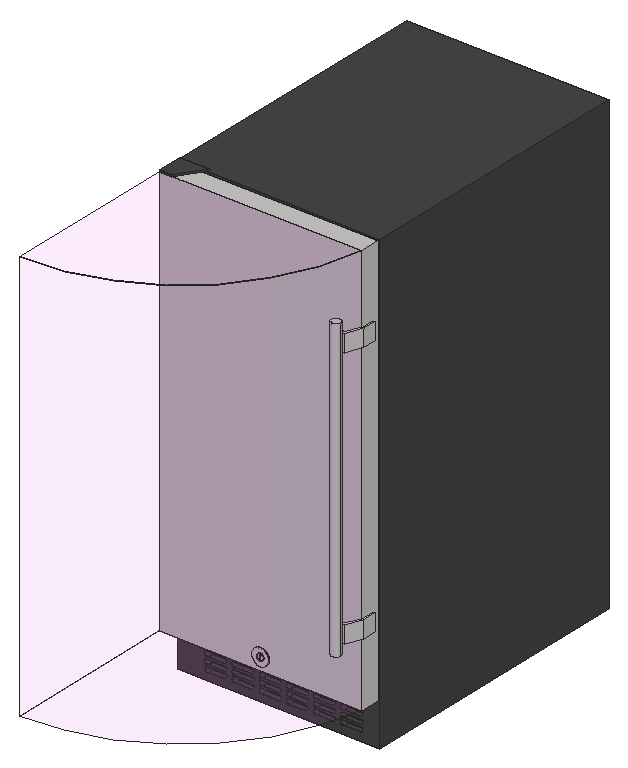
Revit family "QF_Summit_SPR316OS_Outdoor_Refrigerator", category Specialty Equipment, Revit 2020
Family settings
  Round Connector Dimension = Use Diameter
  Part Type = Normal
  Work Plane-Based = No
  Always vertical = Yes
  Cut with Voids When Loaded = No
  Shared = No
  Room Calculation Point = No
Parameters
  Weight in Pounds = 62
  Watts = Volts * FL Amps  # 115 W
  Volts = 115 V
  URL Cutsheet = ""
  Specification by User = ""
  Specification by Manufacturer = ""
  Show RHD [instance] = not(Show LHD)  # no
  Show LHD [instance] = yes
  Show Clearance [instance] = yes
  Serial Number = ""
  Seismic Rating = ""
  SMACNA No = ""
  Revision Code = ""
  Refrigerant Volume = 0.00 kip
  Refrigerant Type = "R600a"
  Phase = 1
  Number of Poles = 1
  NAFEM Spec ID Number = ""
  Model = "SPR316OS"
  Min Ckt Ampacity = 0 A
  Max Overcurrent Protection = 0 A
  Masterspec = ""
  Manufacturer = "Summit"
  Length = 14.88"
  Item Number = ""
  Installed By = ""
  Identify Quantity as Lot = yes
  Height = 34 1/4"
  HP = ""
  Furnished By = ""
  Foodservice Equipment Identifier = yes
  FL Amps = 1 A
  Electrical Remarks = ""
  Electric Connection Type = ""
  Elec Conn RI Height = 0"
  Elec Conn Connection Height = 0"
  Description = "Outdoor Refrigerator"
  Depth = 22 3/4"
  Default Elevation = 0"
  Cycle = 60 Hz
  Conn Plug = ""
  Conn Conduit = yes
  CSI MasterFormat = ""
  BTUH = 0.0 Btu/h
  Apparent Power = 0 VA
Reference planes (in)
  plane 1 "BACK": y = 0
  plane 2: z = 0
  plane 3 "LEFT": x = 0
  plane 4 "RIGHT": x = 14.88
  plane 5 "FRONT": y = -22.75
  plane 6 "TOP": z = 34.25
  plane 7 "Center Y": x = 7.44
  plane 8 "Center X": y = -11.375
Dimensions and locks (in)
  equal spacing: plane 3 "LEFT", plane 7 "Center Y", plane 4 "RIGHT"
  "Length": plane 3 "LEFT" to plane 4 "RIGHT"
  equal spacing: plane 5 "FRONT", plane 8 "Center X", plane 1 "BACK"
  "Depth": plane 5 "FRONT" to plane 1 "BACK"
  "Height": plane 6 "TOP" to level
  aligned and locked: level to plane 2
Nested families (in)
  nested 1: "SPR316OS" at (0, 0, 0), Show Clearance <- "Show Clearance", Show LHD <- "Show LHD", type "SPR316OS"
    with Show RHD no, Show LHD yes, Show Clearance yes
Connectors (in)
  electrical at (11.88, 0.03125, 1.99472), driven by "Volts", driven by "Watts"
    settings: on nested 1, index 1, voltage 115 V, apparent load 115 VA, apparent load phase1 0 VA, apparent load phase2 0 VA, apparent load phase3 0 VA, power factor 1, load classification "Other", number of poles 1, system type 30, power factor state 1, is connector primary yes, connector utility no, sub classification motor no, connector description "ELECTRICAL CONNECTION"
Definition of nested family "SPR316OS"
  Parameters (values of type "SPR316OS")
    Weight in Pounds = 0
    URL Cutsheet = ""
    Specification by User = ""
    Specification by Manufacturer = ""
    Show RHD [instance] = not(Show LHD)  # no
    Show LHD [instance] = yes
    Show Clearance [instance] = yes
    Serial Number = ""
    Seismic Rating = ""
    SMACNA No = ""
    Revision Code = ""
    NAFEM Spec ID Number = ""
    Masterspec = ""
    Length = 14.88"
    Item Number = ""
    Installed By = ""
    Identify Quantity as Lot = yes
    Height = 34 1/4"
    Furnished By = ""
    Foodservice Equipment Identifier = yes
    Depth = 22 3/4"
    Default Elevation = 0"
    CSI MasterFormat = ""
  Reference planes (in)
    plane 1 "BACK": y = 0
    plane 2: z = 0
    plane 3 "LEFT": x = 0
    plane 4 "RIGHT": x = 14.88
    plane 5 "FRONT": y = -22.75
    plane 6 "TOP": z = 34.25
    plane 7 "Center Y": x = 7.44
    plane 8 "Center X": y = -11.375
    plane 9: z = 3.91594
    plane 10: z = 0.6638
    plane 11: z = 4.41594
    plane 12: y = -36.38
  Forms (in)
    Extrusion 1, solid
      sketch origin (-3.81931, -180, 3.91594) x (-1, 0, 0) y (0, -1, 0)
        loop
          line (-3.81931, -180) -> (-3.81931, -158.95513) -> (-18.69931, -158.95513) -> (-18.69931, -180) -> (-3.81931, -180)
      from 0 to 30.33406
    Extrusion 2, solid
      sketch origin (-1.69587, -180, 0.6638) x (-1, 0, 0) y (0, -1, 0)
        loop
          line (-1.69587, -180) -> (-1.69587, -158.95513) -> (-16.57587, -158.95513) -> (-16.57587, -180) -> (-1.69587, -180)
      from 0 to 3.25213
    Extrusion 3, solid, visible <- "Show RHD"
      sketch origin (-3.81931, -180, 34.25) x (-1, 0, 0) y (0, -1, 0)
        loop
          line (-16.58028, -159.13842) -> (-17.80664, -157.25) -> (-18.69931, -157.25) -> (-18.69931, -159.13842) -> (-16.58028, -159.13842)
      from 0 to 0.09167
    Extrusion 4, solid
      sketch origin (-3.81931, -180, 3.91594) x (-1, 0, 0) y (0, -1, 0)
        loop
          line (-3.81931, -158.70513) -> (-3.81931, -157.25) -> (-18.69931, -157.25) -> (-18.69931, -158.70513) -> (-3.81931, -158.70513)
      from 0 to 30.33406
    Extrusion 5, solid, visible <- "Show RHD"
      sketch origin (-1.39221, -180, 29.22496) x (-1, 0, 0) y (0, -1, 0)
        loop
          line (-1.39221, -158.20513) -> (-1.20471, -158.20513) -> (-1.20471, -157.21355) -> (-1.67159, -156.05798) -> (-2.43206, -156.05798) -> (-2.43206, -156.24548) -> (-1.79806, -156.24548) -> (-1.39221, -157.25) -> (-1.39221, -158.20513)
      from 0 to -1.25
    Extrusion 6, solid, visible <- "Show RHD"
      sketch origin (-2.12657, -180, 30.03198) x (-1, 0, 0) y (0, -1, 0)
        loop
          circle (-2.78619, -155.71649) r 0.34149
      from 0 to -21.94945
    Extrusion 7, solid, visible <- "Show RHD"
      sketch origin (-2.27285, -180, 9.98387) x (-1, 0, 0) y (0, -1, 0)
        loop
          line (-2.27285, -158.20513) -> (-2.08535, -158.20513) -> (-2.08535, -157.21355) -> (-2.55223, -156.05798) -> (-3.3127, -156.05798) -> (-3.3127, -156.24548) -> (-2.6787, -156.24548) -> (-2.27285, -157.25) -> (-2.27285, -158.20513)
      from 0 to -1.25
    Extrusion 8, void
      sketch origin (14.88, -21.04487, 0.6638) x (1, 0, 0) y (0, 0, -1)
        loop
          arc (-12.70237, -2.57037) -> (-12.90262, -2.77063) -> (-12.70237, -2.97088) r 0.20026
          line (-12.70237, -2.97088) -> (-11.45237, -2.97088)
          arc (-11.45237, -2.97088) -> (-11.25211, -2.77063) -> (-11.45237, -2.57037) r 0.20026
          line (-11.45237, -2.57037) -> (-12.70237, -2.57037)
        loop
          arc (-12.70237, -2.05013) -> (-12.90262, -2.25039) -> (-12.70237, -2.45064) r 0.20026
          line (-12.70237, -2.45064) -> (-11.45237, -2.45064)
          arc (-11.45237, -2.45064) -> (-11.25211, -2.25039) -> (-11.45237, -2.05013) r 0.20026
          line (-11.45237, -2.05013) -> (-12.70237, -2.05013)
        loop
          arc (-12.70237, -1.57037) -> (-12.90262, -1.77063) -> (-12.70237, -1.97088) r 0.20026
          line (-12.70237, -1.97088) -> (-11.45237, -1.97088)
          arc (-11.45237, -1.97088) -> (-11.25211, -1.77063) -> (-11.45237, -1.57037) r 0.20026
          line (-11.45237, -1.57037) -> (-12.70237, -1.57037)
        loop
          arc (-12.70237, -1.05013) -> (-12.90262, -1.25039) -> (-12.70237, -1.45064) r 0.20026
          line (-12.70237, -1.45064) -> (-11.45237, -1.45064)
          arc (-11.45237, -1.45064) -> (-11.25211, -1.25039) -> (-11.45237, -1.05013) r 0.20026
          line (-11.45237, -1.05013) -> (-12.70237, -1.05013)
        loop
          arc (-12.70237, -0.55013) -> (-12.90262, -0.75039) -> (-12.70237, -0.95064) r 0.20026
          line (-12.70237, -0.95064) -> (-11.45237, -0.95064)
          arc (-11.45237, -0.95064) -> (-11.25211, -0.75039) -> (-11.45237, -0.55013) r 0.20026
          line (-11.45237, -0.55013) -> (-12.70237, -0.55013)
        loop
          arc (-10.70237, -2.57037) -> (-10.90262, -2.77063) -> (-10.70237, -2.97088) r 0.20026
          line (-10.70237, -2.97088) -> (-9.45237, -2.97088)
          arc (-9.45237, -2.97088) -> (-9.25211, -2.77063) -> (-9.45237, -2.57037) r 0.20026
          line (-9.45237, -2.57037) -> (-10.70237, -2.57037)
        loop
          arc (-10.70237, -2.05013) -> (-10.90262, -2.25039) -> (-10.70237, -2.45064) r 0.20026
          line (-10.70237, -2.45064) -> (-9.45237, -2.45064)
          arc (-9.45237, -2.45064) -> (-9.25211, -2.25039) -> (-9.45237, -2.05013) r 0.20026
          line (-9.45237, -2.05013) -> (-10.70237, -2.05013)
        loop
          arc (-10.70237, -1.57037) -> (-10.90262, -1.77063) -> (-10.70237, -1.97088) r 0.20026
          line (-10.70237, -1.97088) -> (-9.45237, -1.97088)
          arc (-9.45237, -1.97088) -> (-9.25211, -1.77063) -> (-9.45237, -1.57037) r 0.20026
          line (-9.45237, -1.57037) -> (-10.70237, -1.57037)
        loop
          arc (-10.70237, -1.05013) -> (-10.90262, -1.25039) -> (-10.70237, -1.45064) r 0.20026
          line (-10.70237, -1.45064) -> (-9.45237, -1.45064)
          arc (-9.45237, -1.45064) -> (-9.25211, -1.25039) -> (-9.45237, -1.05013) r 0.20026
          line (-9.45237, -1.05013) -> (-10.70237, -1.05013)
        loop
          arc (-10.70237, -0.55013) -> (-10.90262, -0.75039) -> (-10.70237, -0.95064) r 0.20026
          line (-10.70237, -0.95064) -> (-9.45237, -0.95064)
          arc (-9.45237, -0.95064) -> (-9.25211, -0.75039) -> (-9.45237, -0.55013) r 0.20026
          line (-9.45237, -0.55013) -> (-10.70237, -0.55013)
        loop
          arc (-8.70237, -2.57037) -> (-8.90262, -2.77063) -> (-8.70237, -2.97088) r 0.20026
          line (-8.70237, -2.97088) -> (-7.45237, -2.97088)
          arc (-7.45237, -2.97088) -> (-7.25211, -2.77063) -> (-7.45237, -2.57037) r 0.20026
          line (-7.45237, -2.57037) -> (-8.70237, -2.57037)
        loop
          arc (-8.70237, -2.05013) -> (-8.90262, -2.25039) -> (-8.70237, -2.45064) r 0.20026
          line (-8.70237, -2.45064) -> (-7.45237, -2.45064)
          arc (-7.45237, -2.45064) -> (-7.25211, -2.25039) -> (-7.45237, -2.05013) r 0.20026
          line (-7.45237, -2.05013) -> (-8.70237, -2.05013)
        loop
          arc (-8.70237, -1.57037) -> (-8.90262, -1.77063) -> (-8.70237, -1.97088) r 0.20026
          line (-8.70237, -1.97088) -> (-7.45237, -1.97088)
          arc (-7.45237, -1.97088) -> (-7.25211, -1.77063) -> (-7.45237, -1.57037) r 0.20026
          line (-7.45237, -1.57037) -> (-8.70237, -1.57037)
        loop
          arc (-8.70237, -1.05013) -> (-8.90262, -1.25039) -> (-8.70237, -1.45064) r 0.20026
          line (-8.70237, -1.45064) -> (-7.45237, -1.45064)
          arc (-7.45237, -1.45064) -> (-7.25211, -1.25039) -> (-7.45237, -1.05013) r 0.20026
          line (-7.45237, -1.05013) -> (-8.70237, -1.05013)
        loop
          arc (-8.70237, -0.55013) -> (-8.90262, -0.75039) -> (-8.70237, -0.95064) r 0.20026
          line (-8.70237, -0.95064) -> (-7.45237, -0.95064)
          arc (-7.45237, -0.95064) -> (-7.25211, -0.75039) -> (-7.45237, -0.55013) r 0.20026
          line (-7.45237, -0.55013) -> (-8.70237, -0.55013)
        loop
          arc (-6.70237, -2.57037) -> (-6.90262, -2.77063) -> (-6.70237, -2.97088) r 0.20026
          line (-6.70237, -2.97088) -> (-5.45237, -2.97088)
          arc (-5.45237, -2.97088) -> (-5.25211, -2.77063) -> (-5.45237, -2.57037) r 0.20026
          line (-5.45237, -2.57037) -> (-6.70237, -2.57037)
        loop
          arc (-6.70237, -2.05013) -> (-6.90262, -2.25039) -> (-6.70237, -2.45064) r 0.20026
          line (-6.70237, -2.45064) -> (-5.45237, -2.45064)
          arc (-5.45237, -2.45064) -> (-5.25211, -2.25039) -> (-5.45237, -2.05013) r 0.20026
          line (-5.45237, -2.05013) -> (-6.70237, -2.05013)
        loop
          arc (-6.70237, -1.57037) -> (-6.90262, -1.77063) -> (-6.70237, -1.97088) r 0.20026
          line (-6.70237, -1.97088) -> (-5.45237, -1.97088)
          arc (-5.45237, -1.97088) -> (-5.25211, -1.77063) -> (-5.45237, -1.57037) r 0.20026
          line (-5.45237, -1.57037) -> (-6.70237, -1.57037)
        loop
          arc (-6.70237, -1.05013) -> (-6.90262, -1.25039) -> (-6.70237, -1.45064) r 0.20026
          line (-6.70237, -1.45064) -> (-5.45237, -1.45064)
          arc (-5.45237, -1.45064) -> (-5.25211, -1.25039) -> (-5.45237, -1.05013) r 0.20026
          line (-5.45237, -1.05013) -> (-6.70237, -1.05013)
        loop
          arc (-6.70237, -0.55013) -> (-6.90262, -0.75039) -> (-6.70237, -0.95064) r 0.20026
          line (-6.70237, -0.95064) -> (-5.45237, -0.95064)
          arc (-5.45237, -0.95064) -> (-5.25211, -0.75039) -> (-5.45237, -0.55013) r 0.20026
          line (-5.45237, -0.55013) -> (-6.70237, -0.55013)
        loop
          arc (-4.70237, -2.57037) -> (-4.90262, -2.77063) -> (-4.70237, -2.97088) r 0.20026
          line (-4.70237, -2.97088) -> (-3.45237, -2.97088)
          arc (-3.45237, -2.97088) -> (-3.25211, -2.77063) -> (-3.45237, -2.57037) r 0.20026
          line (-3.45237, -2.57037) -> (-4.70237, -2.57037)
        loop
          arc (-4.70237, -2.05013) -> (-4.90262, -2.25039) -> (-4.70237, -2.45064) r 0.20026
          line (-4.70237, -2.45064) -> (-3.45237, -2.45064)
          arc (-3.45237, -2.45064) -> (-3.25211, -2.25039) -> (-3.45237, -2.05013) r 0.20026
          line (-3.45237, -2.05013) -> (-4.70237, -2.05013)
        loop
          arc (-4.70237, -1.57037) -> (-4.90262, -1.77063) -> (-4.70237, -1.97088) r 0.20026
          line (-4.70237, -1.97088) -> (-3.45237, -1.97088)
          arc (-3.45237, -1.97088) -> (-3.25211, -1.77063) -> (-3.45237, -1.57037) r 0.20026
          line (-3.45237, -1.57037) -> (-4.70237, -1.57037)
        loop
          arc (-4.70237, -1.05013) -> (-4.90262, -1.25039) -> (-4.70237, -1.45064) r 0.20026
          line (-4.70237, -1.45064) -> (-3.45237, -1.45064)
          arc (-3.45237, -1.45064) -> (-3.25211, -1.25039) -> (-3.45237, -1.05013) r 0.20026
          line (-3.45237, -1.05013) -> (-4.70237, -1.05013)
        loop
          arc (-4.70237, -0.55013) -> (-4.90262, -0.75039) -> (-4.70237, -0.95064) r 0.20026
          line (-4.70237, -0.95064) -> (-3.45237, -0.95064)
          arc (-3.45237, -0.95064) -> (-3.25211, -0.75039) -> (-3.45237, -0.55013) r 0.20026
          line (-3.45237, -0.55013) -> (-4.70237, -0.55013)
        loop
          arc (-2.70237, -2.57037) -> (-2.90262, -2.77063) -> (-2.70237, -2.97088) r 0.20026
          line (-2.70237, -2.97088) -> (-1.45237, -2.97088)
          arc (-1.45237, -2.97088) -> (-1.25211, -2.77063) -> (-1.45237, -2.57037) r 0.20026
          line (-1.45237, -2.57037) -> (-2.70237, -2.57037)
        loop
          arc (-2.70237, -2.05013) -> (-2.90262, -2.25039) -> (-2.70237, -2.45064) r 0.20026
          line (-2.70237, -2.45064) -> (-1.45237, -2.45064)
          arc (-1.45237, -2.45064) -> (-1.25211, -2.25039) -> (-1.45237, -2.05013) r 0.20026
          line (-1.45237, -2.05013) -> (-2.70237, -2.05013)
        loop
          arc (-2.70237, -1.57037) -> (-2.90262, -1.77063) -> (-2.70237, -1.97088) r 0.20026
          line (-2.70237, -1.97088) -> (-1.45237, -1.97088)
          arc (-1.45237, -1.97088) -> (-1.25211, -1.77063) -> (-1.45237, -1.57037) r 0.20026
          line (-1.45237, -1.57037) -> (-2.70237, -1.57037)
        loop
          arc (-2.70237, -1.05013) -> (-2.90262, -1.25039) -> (-2.70237, -1.45064) r 0.20026
          line (-2.70237, -1.45064) -> (-1.45237, -1.45064)
          arc (-1.45237, -1.45064) -> (-1.25211, -1.25039) -> (-1.45237, -1.05013) r 0.20026
          line (-1.45237, -1.05013) -> (-2.70237, -1.05013)
        loop
          arc (-2.70237, -0.55013) -> (-2.90262, -0.75039) -> (-2.70237, -0.95064) r 0.20026
          line (-2.70237, -0.95064) -> (-1.45237, -0.95064)
          arc (-1.45237, -0.95064) -> (-1.25211, -0.75039) -> (-1.45237, -0.55013) r 0.20026
          line (-1.45237, -0.55013) -> (-2.70237, -0.55013)
      from 0 to 0.44189
    Extrusion 9, solid
      sketch origin (10.505, -22.75, 3.91594) x (-1, 0, 0) y (0, 0, -1)
        loop
          circle (3.065, -0.9154) r 0.61388
        loop
          circle (3.065, -0.9154) r 0.25
      from 0 to 0.03125
    Extrusion 10, solid
      sketch origin (10.505, -22.75, 3.91594) x (1, 0, 0) y (0, 0, -1)
        loop
          circle (-3.065, -0.9154) r 0.2438
        loop
          line (-3.08186, -1.12004) -> (-3.04814, -1.12004) -> (-3.04814, -0.71132) -> (-3.08186, -0.71132) -> (-3.08186, -1.12004)
      from 0 to -0.03125
    Revolve 11, solid
      sketch origin (0, -4, 0) x (1, 0, 0) y (0, 0, 1)
        loop
          line (1.57659, 0.6638) -> (1.57659, 0) -> (2.07659, 0) -> (2.19363, 0.6638) -> (1.57659, 0.6638)
        axis (1.57659, 0.6638) -> (1.57659, 0)
      angle from 0 to 360
    Revolve 12, solid
      sketch origin (23.63, -4, 0) x (-1, 0, 0) y (0, 0, 1)
        loop
          line (10.32659, 0.6638) -> (10.32659, 0) -> (10.82659, 0) -> (10.94363, 0.6638) -> (10.32659, 0.6638)
        axis (10.32659, 0.6638) -> (10.32659, 0)
      angle from 0 to 360
    Revolve 13, solid
      sketch origin (0, -19.5, 0) x (1, 0, 0) y (0, 0, -1)
        loop
          line (1.57659, -0.6638) -> (2.19363, -0.6638) -> (2.07659, 0) -> (1.57659, 0) -> (1.57659, -0.6638)
        axis (1.57659, -0.6638) -> (1.57659, 0)
      angle from 0 to 360
    Revolve 14, solid
      sketch origin (23.63, -19.5, 0) x (-1, 0, 0) y (0, 0, 1)
        loop
          line (10.32659, 0.6638) -> (10.32659, 0) -> (10.82659, 0) -> (10.94363, 0.6638) -> (10.32659, 0.6638)
        axis (10.32659, 0.6638) -> (10.32659, 0)
      angle from 0 to 360
    Extrusion 15, solid
      sketch origin (0, 0, 0) x (1, 0, 0) y (0, 0, 1)
        loop
          circle (11.88, 1.99472) r 0.25
      from 0 to -0.03125
    Extrusion 16, solid, visible <- "Show RHD"
      sketch origin (-3.81931, -180, 3.91594) x (0, -1, 0) y (-1, 0, 0)
        loop
          line (-157.25, -18.69931) -> (-144.37028, -18.69931)
          arc (-144.37028, -18.69931) -> (-148.00975, -8.83537) -> (-157.25, -3.81931) r 14.92319
          line (-157.25, -3.81931) -> (-157.25, -18.69931)
      from 0 to -30.33406
    Extrusion 17, solid
      sketch origin (-3.81931, -180, 33.66594) x (-1, 0, 0) y (0, -1, 0)
        loop
          line (-3.95835, -158.95513) -> (-3.95835, -158.70513) -> (-18.53612, -158.70513) -> (-18.53612, -158.95513) -> (-3.95835, -158.95513)
      from 0.36202 to -29.25
    Extrusion 18, solid, visible <- "Show LHD"
      sketch origin (18.69931, -180, 34.25) x (1, 0, 0) y (0, 1, 0)
        loop
          line (-16.58028, 159.13842) -> (-18.69931, 159.13842) -> (-18.69931, 157.25) -> (-17.80664, 157.25) -> (-16.58028, 159.13842)
      from 0 to 0.09167
    Extrusion 19, solid, visible <- "Show LHD"
      sketch origin (16.27221, -180, 29.22496) x (1, 0, 0) y (0, 1, 0)
        loop
          line (-1.39221, 158.20513) -> (-1.39221, 157.25) -> (-1.79806, 156.24548) -> (-2.43206, 156.24548) -> (-2.43206, 156.05798) -> (-1.67159, 156.05798) -> (-1.20471, 157.21355) -> (-1.20471, 158.20513) -> (-1.39221, 158.20513)
      from 0 to -1.25
    Extrusion 20, solid, visible <- "Show LHD"
      sketch origin (17.00657, -180, 30.03198) x (1, 0, 0) y (0, 1, 0)
        loop
          circle (-2.78619, 155.71649) r 0.34149
      from 0 to -21.94945
    Extrusion 21, solid, visible <- "Show LHD"
      sketch origin (17.15285, -180, 9.98387) x (1, 0, 0) y (0, 1, 0)
        loop
          line (-2.27285, 158.20513) -> (-2.27285, 157.25) -> (-2.6787, 156.24548) -> (-3.3127, 156.24548) -> (-3.3127, 156.05798) -> (-2.55223, 156.05798) -> (-2.08535, 157.21355) -> (-2.08535, 158.20513) -> (-2.27285, 158.20513)
      from 0 to -1.25
    Extrusion 22, solid, visible <- "Show LHD"
      sketch origin (18.69931, -180, 3.91594) x (0, 1, 0) y (1, 0, 0)
        loop
          line (157.25, -18.69931) -> (157.25, -3.81931)
          arc (157.25, -3.81931) -> (148.00975, -8.83537) -> (144.37028, -18.69931) r 14.92319
          line (144.37028, -18.69931) -> (157.25, -18.69931)
      from 0 to -30.33406
  Cuts and joins
    Extrusion 8 cuts Extrusion 2
    joined: Extrusion 1, Extrusion 2
    joined: Extrusion 5, Extrusion 6, Extrusion 7
  Lines and regions (in)
    symbolic lines
      curve 1: line (14.88, -22.75, 0) -> (0, -22.75, 0)
      curve 13: line (14.88, -22.75, 0) -> (14.88, -21.29487, 0)
      curve 15: line (0, 0, 0) -> (0, -21.04487, 0)
      curve 16: line (14.88, 0, 0) -> (0, 0, 0)
      curve 39: line (14.88, -21.04487, 0) -> (14.88, 0, 0)
    symbolic lines, visible <- "Show RHD"
      curve 2: line (0, -21.29487, 0) -> (0, -22.75, 0)
      curve 3: line (13.04235, -21.29487, 0) -> (0, -21.29487, 0)
      curve 4: line (0, -21.79487, 0) -> (-0.1875, -21.79487, 0)
      curve 5: line (-0.1875, -21.79487, 0) -> (-0.1875, -22.78645, 0)
      curve 6: line (-0.1875, -22.78645, 0) -> (0.27938, -23.94202, 0)
      curve 7: line (0.40585, -23.75452, 0) -> (0, -22.75, 0)
      curve 8: line (1.03985, -23.75452, 0) -> (0.40585, -23.75452, 0)
      curve 9: line (0.27938, -23.94202, 0) -> (1.03985, -23.94202, 0)
      curve 10: line (1.03985, -23.94202, 0) -> (1.03985, -23.75452, 0)
      curve 11: line (12.76097, -20.86158, 0) -> (13.98733, -22.75, 0)
      curve 12: line (14.88, -20.86158, 0) -> (12.76097, -20.86158, 0)
      curve 14: line (0, -21.04487, 0) -> (12.88, -21.04487, 0)
      curve 17: line (0.13904, -21.04487, 0) -> (0.13904, -21.29487, 0)
      curve 18: arc (0.31813, -24.28351, 0) -> (0.65962, -24.625, 0) -> (1.00111, -24.28351, 0) r 0.34149
      curve 19: arc (1.00111, -24.28351, 0) -> (0.65962, -23.94202, 0) -> (0.31813, -24.28351, 0) r 0.34149
      curve 20: arc (2.86412, -29.68737, 0) -> (0.98881, -26.40168, 0) -> (0, -22.75, 0) r 14.92319
      curve 21: line (14.88, -22.75, 0) -> (2.86412, -29.68737, 0)
      curve 22: line (14.88, -21.04487, 0) -> (14.88, -22.75, 0)
    symbolic lines, visible <- "Show LHD"
      curve 23: line (1.83765, -21.29487, 0) -> (14.88, -21.29487, 0)
      curve 24: line (14.88, -21.79487, 0) -> (15.0675, -21.79487, 0)
      curve 25: line (15.0675, -21.79487, 0) -> (15.0675, -22.78645, 0)
      curve 26: line (15.0675, -22.78645, 0) -> (14.60062, -23.94202, 0)
      curve 27: line (14.47415, -23.75452, 0) -> (14.88, -22.75, 0)
      curve 28: line (13.84015, -23.75452, 0) -> (14.47415, -23.75452, 0)
      curve 29: line (14.60062, -23.94202, 0) -> (13.84015, -23.94202, 0)
      curve 30: line (13.84015, -23.94202, 0) -> (13.84015, -23.75452, 0)
      curve 31: line (2.11903, -20.86158, 0) -> (0.89267, -22.75, 0)
      curve 32: line (0, -20.86158, 0) -> (2.11903, -20.86158, 0)
      curve 33: line (14.88, -21.04487, 0) -> (2, -21.04487, 0)
      curve 34: line (14.74096, -21.04487, 0) -> (14.74096, -21.29487, 0)
      curve 35: arc (14.56187, -24.28351, 0) -> (14.22038, -24.625, 0) -> (13.87889, -24.28351, 0) r 0.34149
      curve 36: arc (13.87889, -24.28351, 0) -> (14.22038, -23.94202, 0) -> (14.56187, -24.28351, 0) r 0.34149
      curve 37: arc (12.01588, -29.68737, 0) -> (13.89119, -26.40168, 0) -> (14.88, -22.75, 0) r 14.92319
      curve 38: line (0, -22.75, 0) -> (12.01588, -29.68737, 0)
      curve 40: line (0, -21.04487, 0) -> (0, -22.75, 0)
  Dimensions and locks (in)
    equal spacing: plane 3 "LEFT", plane 7 "Center Y", plane 4 "RIGHT"
    "Length": plane 3 "LEFT" to plane 4 "RIGHT"
    equal spacing: plane 5 "FRONT", plane 8 "Center X", plane 1 "BACK"
    "Depth": plane 5 "FRONT" to plane 1 "BACK"
    "Height": plane 6 "TOP" to level
    plane 1 "BACK" to plane 12 = 36.38"
    aligned and locked: level to plane 2
  Automatic sketch dimensions
    plane 1 "BACK" to Extrusion 1 sketch curve = 0"
    Extrusion 1 sketch curve to plane 4 "RIGHT" = 0"
    Extrusion 1 sketch curve to plane 3 "LEFT" = 0"
    Extrusion 1 sketch curve to plane 5 "FRONT" = 1.70513"
    plane 1 "BACK" to Extrusion 2 sketch curve = 0"
    Extrusion 2 sketch curve to plane 4 "RIGHT" = 0"
    Extrusion 2 sketch curve to plane 3 "LEFT" = 0"
    Extrusion 2 sketch curve to plane 5 "FRONT" = 1.70513"
    Extrusion 3 sketch curve to Extrusion 1 = 0"
    Extrusion 3 sketch curve to Extrusion 3 sketch curve = 0.89267"
    Extrusion 3 sketch curve to Extrusion 1 = 0.18329"
    Extrusion 3 sketch curve to Extrusion 1 = 2.11903"
    Extrusion 1 to Extrusion 3 sketch curve = 1.70513"
    Extrusion 4 sketch curve to plane 4 "RIGHT" = 0"
    Extrusion 4 sketch curve to plane 3 "LEFT" = 0"
    plane 5 "FRONT" to Extrusion 4 sketch curve = 0"
    Extrusion 4 sketch curve to plane 5 "FRONT" = 1.45513"
    Extrusion 5 sketch curve to plane 3 "LEFT" = 0"
    plane 5 "FRONT" to Extrusion 5 sketch curve = 0"
    plane 3 "LEFT" to Extrusion 5 sketch curve = 0.27938"
    Extrusion 5 sketch curve to Extrusion 5 sketch curve = 0.12647"
    Extrusion 5 sketch curve to Extrusion 5 sketch curve = 0.634"
    plane 5 "FRONT" to Extrusion 5 sketch curve = 0.03645"
    Extrusion 5 sketch curve to plane 3 "LEFT" = 3/16"
    Extrusion 5 sketch curve to plane 5 "FRONT" = 0.95513"
    plane 5 "FRONT" to Extrusion 5 sketch curve = 1.00452"
    Extrusion 5 sketch curve to Extrusion 5 sketch curve = 3/16"
    plane 3 "LEFT" to Extrusion 6 sketch curve = 0.65962"
    plane 5 "FRONT" to Extrusion 6 sketch curve = 1.53351"
    Extrusion 7 sketch curve to plane 3 "LEFT" = 0"
    plane 5 "FRONT" to Extrusion 7 sketch curve = 0"
    plane 3 "LEFT" to Extrusion 7 sketch curve = 0.27938"
    Extrusion 7 sketch curve to Extrusion 7 sketch curve = 0.12647"
    Extrusion 7 sketch curve to Extrusion 7 sketch curve = 0.634"
    plane 5 "FRONT" to Extrusion 7 sketch curve = 0.03645"
    Extrusion 7 sketch curve to plane 3 "LEFT" = 3/16"
    Extrusion 7 sketch curve to plane 5 "FRONT" = 0.95513"
    plane 5 "FRONT" to Extrusion 7 sketch curve = 1.00452"
    Extrusion 7 sketch curve to Extrusion 7 sketch curve = 3/16"
    Extrusion 8 sketch curve to Extrusion 2 = 0.68176"  (x6)
    Extrusion 8 sketch curve to Extrusion 2 = 2.17763"
    Extrusion 8 sketch curve to Extrusion 2 = 0.75039"
    Extrusion 8 sketch curve to Extrusion 8 sketch curve = 0"  (x43)
    Extrusion 8 sketch curve to Extrusion 8 sketch curve = 1 1/4"  (x6)
    Extrusion 8 sketch curve to Extrusion 8 sketch curve = 3/4"  (x10)
    Extrusion 8 sketch curve to Extrusion 8 sketch curve = 0.20026"  (x29)
    Extrusion 8 sketch curve to Extrusion 8 sketch curve = 0.11973"  (x12)
    Extrusion 8 sketch curve to Extrusion 8 sketch curve = 0.07924"  (x6)
    Extrusion 8 sketch curve to Extrusion 8 sketch curve = 0.09949"  (x6)
    Extrusion 9 sketch curve to Extrusion 9 sketch curve = 0"  (x2)
    Extrusion 4 to Extrusion 9 sketch curve = 0.9154"
    Extrusion 4 to Extrusion 9 sketch curve = 7.44"
    Extrusion 10 sketch curve to Extrusion 10 sketch curve = 0.01686"
    Extrusion 10 sketch curve to Extrusion 10 sketch curve = 0.03371"
    Extrusion 10 sketch curve to Extrusion 10 sketch curve = 0.20464"
    Extrusion 10 sketch curve to Extrusion 10 sketch curve = 0.20408"
    Revolve 11 sketch curve to plane 10 = 0"  (x2)
    Revolve 11 sketch curve to level = 0"
    plane 3 "LEFT" to Revolve 11 sketch curve = 1.57659"
    Revolve 11 sketch curve to Revolve 11 sketch curve = 1/2"
    Revolve 11 sketch curve to Revolve 11 sketch curve = 0.61705"
    Revolve 11 sketch curve to Revolve 11 sketch curve = 0"
    Revolve 11 sketch curve to plane 10 = 1/4"
    Revolve 12 sketch curve to plane 10 = 0"  (x2)
    Revolve 12 sketch curve to level = 0"
    Revolve 12 sketch curve to plane 4 "RIGHT" = 1.57659"
    Revolve 12 sketch curve to Revolve 12 sketch curve = 1/2"
    Revolve 12 sketch curve to Revolve 12 sketch curve = 0.61705"
    Revolve 12 sketch curve to Revolve 12 sketch curve = 0"
    plane 10 to Revolve 12 sketch curve = 1/4"
    Revolve 13 sketch curve to plane 10 = 0"  (x2)
    Revolve 13 sketch curve to level = 0"
    plane 3 "LEFT" to Revolve 13 sketch curve = 1.57659"
    Revolve 13 sketch curve to Revolve 13 sketch curve = 1/2"
    Revolve 13 sketch curve to Revolve 13 sketch curve = 0.61705"
    Revolve 13 sketch curve to Revolve 13 sketch curve = 0"
    Revolve 13 sketch curve to plane 10 = 1/4"
    Revolve 14 sketch curve to plane 10 = 0"  (x2)
    Revolve 14 sketch curve to level = 0"
    plane 4 "RIGHT" to Revolve 14 sketch curve = 1.57659"
    Revolve 14 sketch curve to Revolve 14 sketch curve = 1/2"
    Revolve 14 sketch curve to Revolve 14 sketch curve = 0.61705"
    Revolve 14 sketch curve to Revolve 14 sketch curve = 0"
    Revolve 14 sketch curve to Revolve 14 sketch curve = 1/4"
    plane 10 to Extrusion 15 sketch curve = 1.33092"
    plane 4 "RIGHT" to Extrusion 15 sketch curve = 3"
    Extrusion 16 sketch curve to Extrusion 4 = 0"  (x3)
    Extrusion 4 to Extrusion 16 sketch curve = 0.09734"
    Extrusion 16 sketch curve to Extrusion 4 = 0.58801"
    plane 4 "RIGHT" to Extrusion 17 sketch curve = 0.16319"
    plane 3 "LEFT" to Extrusion 17 sketch curve = 0.13904"
    Extrusion 17 sketch curve to plane 5 "FRONT" = 1.70513"
    Extrusion 17 sketch curve to Extrusion 17 sketch curve = 1/4"
    Extrusion 18 sketch curve to plane 3 "LEFT" = 0"
    plane 5 "FRONT" to Extrusion 18 sketch curve = 0"
    plane 3 "LEFT" to Extrusion 18 sketch curve = 0.89267"
    plane 3 "LEFT" to Extrusion 18 sketch curve = 2.11903"
    Extrusion 18 sketch curve to Extrusion 18 sketch curve = 1.88842"
    Extrusion 19 sketch curve to plane 4 "RIGHT" = 0"
    plane 5 "FRONT" to Extrusion 19 sketch curve = 0"
    plane 4 "RIGHT" to Extrusion 19 sketch curve = 0.27938"
    Extrusion 19 sketch curve to Extrusion 19 sketch curve = 0.12647"
    Extrusion 19 sketch curve to Extrusion 19 sketch curve = 0.634"
    plane 5 "FRONT" to Extrusion 19 sketch curve = 0.03645"
    Extrusion 19 sketch curve to plane 4 "RIGHT" = 3/16"
    plane 5 "FRONT" to Extrusion 19 sketch curve = 1.00452"
    Extrusion 19 sketch curve to Extrusion 19 sketch curve = 3/16"
    Extrusion 19 sketch curve to plane 5 "FRONT" = 0.95513"
    plane 4 "RIGHT" to Extrusion 20 sketch curve = 0.65962"
    plane 5 "FRONT" to Extrusion 20 sketch curve = 1.53351"
    Extrusion 21 sketch curve to plane 4 "RIGHT" = 0"
    plane 5 "FRONT" to Extrusion 21 sketch curve = 0"
    plane 4 "RIGHT" to Extrusion 21 sketch curve = 0.27938"
    Extrusion 21 sketch curve to Extrusion 21 sketch curve = 0.12647"
    Extrusion 21 sketch curve to Extrusion 21 sketch curve = 0.634"
    plane 5 "FRONT" to Extrusion 21 sketch curve = 0.03645"
    Extrusion 21 sketch curve to plane 4 "RIGHT" = 3/16"
    plane 5 "FRONT" to Extrusion 21 sketch curve = 1.00452"
    Extrusion 21 sketch curve to Extrusion 21 sketch curve = 3/16"
    Extrusion 21 sketch curve to plane 5 "FRONT" = 0.95513"
    Extrusion 22 sketch curve to plane 3 "LEFT" = 0"
    Extrusion 22 sketch curve to plane 4 "RIGHT" = 0"
    plane 5 "FRONT" to Extrusion 22 sketch curve = 0"
    plane 12 to Extrusion 22 sketch curve = 0.75028"
    plane 3 "LEFT" to Extrusion 22 sketch curve = 0.09734"
    curve 18 to curve 19 = 0"  (x2)
    curve 35 to curve 36 = 0"  (x2)
    curve 2 to plane 3 "LEFT" = 0"
    plane 5 "FRONT" to curve 31 = 0"
    curve 33 to plane 4 "RIGHT" = 0"
    plane 1 "BACK" to curve 39 = 0"
    plane 5 "FRONT" to curve 5 = 0.03645"
    curve 5 to plane 3 "LEFT" = 3/16"
    plane 3 "LEFT" to curve 37 = 0.09734"
    plane 3 "LEFT" to curve 9 = 0.27938"
    curve 6 to curve 8 = 0.12647"
    curve 6 to curve 18 = 0.38023"
    curve 7 to curve 8 = 0.634"
    curve 37 to curve 31 = 2.02169"
    plane 3 "LEFT" to curve 21 = 2.86412"
    plane 4 "RIGHT" to curve 38 = 2.86412"
    plane 4 "RIGHT" to curve 11 = 2.11903"
    plane 4 "RIGHT" to curve 30 = 1.03985"
    curve 29 to curve 36 = 0.38023"
    plane 4 "RIGHT" to curve 27 = 0.40585"
    curve 27 to curve 29 = 0.12647"
    plane 4 "RIGHT" to curve 20 = 0.09734"
    curve 25 to plane 4 "RIGHT" = 3/16"
    plane 5 "FRONT" to curve 28 = 1.00452"
    plane 5 "FRONT" to curve 8 = 1.00452"
    curve 9 to curve 7 = 3/16"
    curve 29 to curve 28 = 3/16"
    curve 19 to curve 9 = 0.34149"
    curve 35 to curve 29 = 0.34149"
    curve 21 to curve 18 = 5.40386"
    curve 38 to curve 35 = 5.40386"
    plane 5 "FRONT" to curve 26 = 0.03645"
    curve 24 to plane 5 "FRONT" = 0.95513"
    curve 4 to plane 5 "FRONT" = 0.95513"
    curve 4 to curve 2 = 1/2"
    curve 24 to curve 23 = 1/2"
    curve 2 to curve 14 = 1/4"
    curve 13 to curve 39 = 1/4"
    curve 14 to curve 11 = 0.18329"
    curve 33 to curve 32 = 0.18329"
    plane 3 "LEFT" to curve 17 = 0.13904"
    plane 3 "LEFT" to curve 18 = 0.31813"
    plane 3 "LEFT" to curve 31 = 0.89267"
    curve 11 to curve 14 = 0.11903"
    curve 36 to curve 35 = 0.34149"
    curve 34 to curve 13 = 0.13904"
    radius of Extrusion 6 sketch curve = 0.34149"
    radius of Extrusion 9 sketch curve = 0.61388"
    radius of Extrusion 9 sketch curve = 1/4"
    radius of Extrusion 10 sketch curve to Extrusion 9 = 0.0062"
    radius of Extrusion 15 sketch curve = 1/4"
    radius of Extrusion 20 sketch curve = 0.34149"
